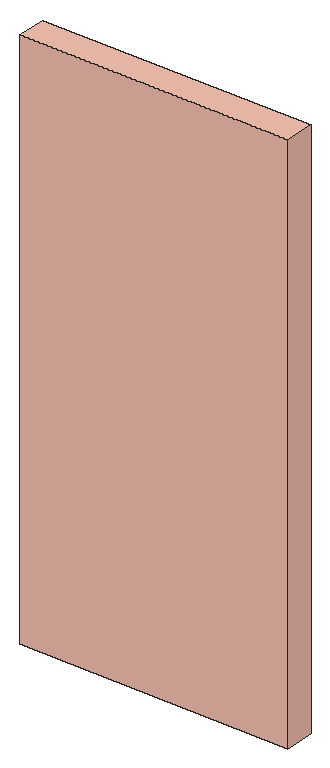
Revit family "EXP_WT-2_CPan-018", category Curtain Panels, Revit 2021
Family settings
  OmniClass Number = 23.25.20.14.11.11.17
  OmniClass Title = Infill Panels
  Always vertical = Yes
  Cut with Voids When Loaded = No
  Shared = No
Parameters
  UI-UnitNumber [instance] = "001"
  UI-Quadrant [instance] = "SE"
  UI-ProjectAbbreviation = "NEU"
  UI-ItemCategory = "PID"
  UI-FloorNumber [instance] = "03"
  PNT-WallType = "WT2"
  PNT-ProjectAbbreviation = "NEU"
  PNT-PanelType [instance] = "01"
  PNT-ItemCategory = "PDL"
  GlassH1 [instance] = IG-2F(Glass)
  Define Thermal Properties by = Schematic Type
  CellSp = 0' - 10 3/16"
  CellL [instance] = 7' - 10"
  CellH1 [instance] = CellH  # 15' - 11 1/2"
  CellH [instance] = 15' - 11 1/2"
  Analytic Construction = "<None>"
Reference planes (in)
  plane 1 "Center (Front/Back)": y = 0
  plane 2: z = 0
  plane 3 "Center (Left/Right)": x = 0
  plane 4 "Left": x = -47
  plane 5 "Right": x = 47
  plane 6 "Top": z = 191.5
  plane 7: y = -10.1875
Forms (in)
  Extrusion 1, solid, material "IG-2F(Glass)" <- "GlassH1"
    sketch origin (0, 0, 0) x (0, 1, 0) y (0, 0, 1)
      loop
        line (0, 191.5) -> (-10.1875, 191.5) -> (-10.1875, 0) -> (0, 0) -> (0, 191.5)
    from -47 to 47
Text (in)
  text "Exterior" at (-92.59733, 55.75508, 0), in view "Ref. Level"
  text "Exterior" at (0, 90.18664, 173.49264), in view "Left"
  text "Exterior" at (0, 52.29083, 162.21847), in view "Right"
Dimensions and locks (in)
  equal spacing: plane 4 "Left", plane 3 "Center (Left/Right)", plane 5 "Right"  (x2)
  "CellL": plane 4 "Left" to plane 5 "Right"
  "CellH": plane 2 to plane 6 "Top"
  "CellSp": plane 7 to plane 1 "Center (Front/Back)"
  aligned and locked: level to plane 2
  aligned and locked: Extrusion 1 sketch curve to level
  aligned and locked: Extrusion 1 sketch curve to plane 7
  aligned and locked: Extrusion 1 to plane 5 "Right"
  aligned and locked: plane 4 "Left" to Extrusion 1
  aligned and locked: Extrusion 1 to plane 6 "Top"
  aligned and locked: plane 1 "Center (Front/Back)" to nested 1
  aligned and locked: plane 5 "Right" to nested 1
  aligned and locked: nested 1 to plane 6 "Top"
  aligned and locked: Extrusion 1 to plane 2
Automatic sketch dimensions
  Extrusion 1 sketch curve to plane 1 "Center (Front/Back)" = 0' - 0"
  level to Extrusion 1 sketch curve = 15' - 11 1/2"
Nested families (in)
  nested 1: "EXP_xx_DetO-002" at (0, 0, 0), CellH <- "CellH", CellL <- "CellL", type "EXP_xx_DetO-002", detail levels coarse
    with CellL 7' - 10", CellH 15' - 11 1/2"
Definition of nested family "EXP_xx_DetO-002"
  Parameters (values of type "EXP_xx_DetO-002")
    Default Elevation = 0' - 0"
    CellL [instance] = 5' - 4.56693"
    CellH [instance] = 5' - 2.99213"
  Reference planes (in)
    plane 1 "Center (Front/Back)": y = 0
    plane 2: z = 0
    plane 3 "Center (Left/Right)": x = 0
    plane 4: x = -32.28346
    plane 5: x = 32.28346
    plane 6: z = 62.99213
  Lines and regions (in)
    model lines
      curve 1: line (-32.28346, 0, 62.99213) -> (32.28346, 0, 0)
      curve 2: line (32.28346, 0, 62.99213) -> (-32.28346, 0, 0)
  Dimensions and locks (in)
    "CellH": plane 6 to level
    equal spacing: plane 4, plane 3 "Center (Left/Right)", plane 5
    "CellL": plane 4 to plane 5
    aligned and locked: level to plane 2
  Automatic sketch dimensions
    curve 2 to level = 0' - 0"
    plane 4 to curve 2 = 0' - 0"
    plane 4 to curve 1 = 0' - 0"
    plane 5 to curve 2 = 0' - 0"
    curve 1 to level = 0' - 0"
    plane 5 to curve 1 = 0' - 0"
    curve 2 to plane 6 = 0' - 0"
    curve 1 to plane 6 = 0' - 0"
